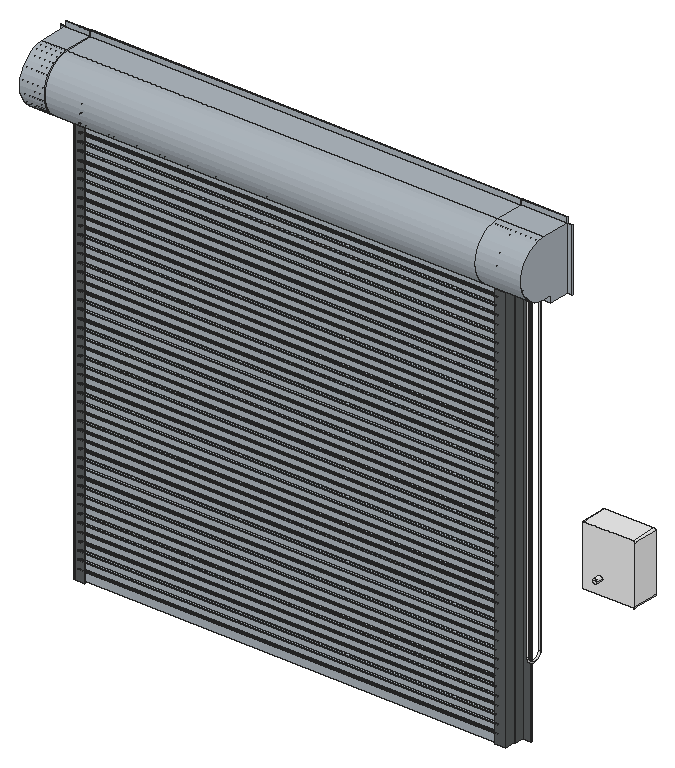
Revit family "Doors_Industrial_Wayne-Dalton_Advanced-Rolling-Door-System-Model-800-ADV_", category Specialty Equipment, host Wall, Revit 2019
Family settings
  Host = Wall
  Round Connector Dimension = Use Diameter
  Part Type = Normal
  OmniClass Number = 23.30.10.21.34
  OmniClass Title = Industrial Doors
  Always vertical = Yes
  Cut with Voids When Loaded = Yes
  Shared = No
  Room Calculation Point = No
Parameters (values of type "208 volts, one phase, 60 Hz (208-240V range)")
  X Motor [instance] = if(or(Opening Height < 120", Opening Height = 120"), 18 1/2", if(or(Opening Height < 180", Opening Height = 180"), 20", if(or(Opening Height < 240", Opening Height = 240"), 22", 22")))  # 18 1/2"
  X ChainH [instance] = if(or(Opening Height < 120", Opening Height = 120"), 18 1/2", if(or(Opening Height < 180", Opening Height = 180"), 20", if(or(Opening Height < 240", Opening Height = 240"), 22", 22")))  # 18 1/2"
  Warning Sign [instance] = if(Calculated Area > 683.00 SF, 1 = 1, 1 = 2)  # no
  Warning (Note) [instance] = if(Warning Sign, "The Door Area is out of the limit; please adjust accordingly. The maximum allowed area is 683 sq. ft.", " ")  # " "
  Wall Thickness [instance] = 6"
  Voltage = 208 V
  True Opening Width [instance] = Clear Width  # 120"
  True Opening Height [instance] = Clear Height  # 120"
  Slat Type [instance] = if(Slat Option < 2, "№4", if(Slat Option = 2, "№14", "№14 - Secur-Vent"))  # "№14"
  Slat Option [instance] = 2  # constant formula
  Slat Length [instance] = Clear Width + G Value * 2 - 1" / 2 * 2  # 126"
  Slat Height [instance] = if(Slat < 2, 13 205/256", 12 1/4")  # 12 1/4"
  Slat [instance] = if(Slat Option < 2, 1, if(Slat Option = 2, 2, if(Slat Option = 3, 3, 4)))  # 2
  Side Room Right [instance] = 18"  # constant formula
  Side Room Left [instance] = 12"  # constant formula
  Product Page URL = "https://www.wayne-dalton.com/advanced-rolling-door-systems-800adv"
  Power Factor = 1
  Powder Coat (Note) = "Wayne Dalton also offers approximately 200 RAL powder coat options to complement the exterior colors of a building."  # constant formula
  Operator Visibility = yes
  Opening Width Real [instance] = if(Opening Width > Max Opening Width, Max Opening Width, if(Opening Width < Min Opening Width, Min Opening Width, Opening Width))  # 120"
  Opening Width [instance] = 120"
  Opening Height Real [instance] = if(Opening Height > Max Opening Height, Max Opening Height, if(Opening Height < Min Opening Height, Min Opening Height, Opening Height))  # 120"
  Opening Height [instance] = 120"
  One Array element [instance] = not(Array Vis)  # no
  Number of Poles = 1
  Min Opening Width [instance] = 18"  # constant formula
  Min Opening Height [instance] = 24"  # constant formula
  Max Opening Width [instance] = 360"  # constant formula
  Max Opening Height [instance] = 360"  # constant formula
  Material Finish [instance] = 800 ADV : Standard - Gray
  M Value [instance] = if(or(Opening Width < 108", Opening Width = 108"), 5 3/4", if(or(Opening Width < 180", Opening Width = 180"), 6 1/4", if(or(Opening Width < 240", Opening Width = 240"), 7 1/4", 9 1/4")))  # 6 1/4"
  Jambs Offset L [instance] = 0"  # constant formula
  Jambs Offset R [instance] = 0"  # constant formula
  Installation Real [instance] = Wall Thickness  # 6"
  Hood Type [instance] = "Round Hood"  # constant formula
  Hood Offset [instance] = 2"  # constant formula
  Hood Material [instance] = Metal - Wayne Dalton - Gray
  Hood Height [instance] = if(Chain Hoist or Manual, Y ChainH - 2", Y Motor - 2")  # 16 1/2"
  Y Motor [instance] = if(or(Opening Height < 120", Opening Height = 120"), 18 1/2", if(or(Opening Height < 180", Opening Height = 180"), 20", if(or(Opening Height < 240", Opening Height = 240"), 22", 22")))  # 18 1/2"
  Y ChainH [instance] = if(or(Opening Height < 120", Opening Height = 120"), 18 1/2", if(or(Opening Height < 180", Opening Height = 180"), 20", if(or(Opening Height < 240", Opening Height = 240"), 22", 22")))  # 18 1/2"
  Headroom Height Lift [instance] = Y Motor + Hood Offset  # 20 1/2"
  Headroom Height [instance] = Headroom Height Lift + 1 1/2"  # 22"
  Guide Type [instance] = "Angled Z Guide"  # constant formula
  Guide Option [instance] = 2  # constant formula
  Guid Depth [instance] = D Value  # 6 1/4"
  G Value [instance] = if(or(Opening Width < 108", Opening Width = 108"), 3", if(or(Opening Width < 180", Opening Width = 180"), 3 1/2", if(or(Opening Width < 240", Opening Width = 240"), 4", 5 9/16")))  # 3 1/2"
  Frequency = 60 Hz
  Face Of Wall Mounting [instance] = not(Between Jambs Mounting)  # yes
  Door Width True [instance] = Clear Width + M Value * 2  # 132 1/2"
  Door Width (Real) [instance] = Clear Width + 1" / 2  # 120 1/2"
  Door Height True [instance] = Clear Width + Headroom Height  # 142"
  Door Height (Real) [instance] = Clear Height + Hood Offset  # 122"
  URL = "https://www.wayne-dalton.com/"
  Product data url = "https://www.bimobject.com/wayne-dalton/product/advanced-rolling-door-systems-800-adv"
  Product Guid = "0b55cba0-5740-4beb-a360-9fda8dc8a982"
  Model = "800 ADV"  # constant formula
  Manufacturer = "Wayne Dalton"  # constant formula
  Wall Closure = By host
  Floor To (CL) of Shaft [instance] = Clear Height + Hood Offset + 2" + Hood Height / 2  # 132 1/4"
  Finish Material = Finish - Wayne Dalton - Black
  Description = "Model 800 ADV Advanced Rolling Door System"  # constant formula
  D Value Clearance [instance] = D Value  # 6 1/4"
  D Value [instance] = if(or(Opening Width < 108", Opening Width = 108"), 5 11/16", if(or(Opening Width < 180", Opening Width = 180"), 6 1/4", if(or(Opening Width < 240", Opening Width = 240"), 6 3/16", 7 1/16")))  # 6 1/4"
  Clearance [instance] = no
  Clear Width [instance] = Opening Width Real  # 120"
  Clear Height [instance] = Opening Height Real  # 120"
  Chain Hoist or Manual = no
  Current = 20 A
  Connector Array Distance = 0"  # constant formula
  Connector Array = if(Chain Hoist or Manual, 2, 3)  # 3
  Between Jambs Mounting [instance] = 1 = 2  # no
  Bar [instance] = if(Face Of Wall Mounting, 1 = 1, 1 = 2)  # yes
  Backroom Depth [instance] = X Motor - 1 1/2"  # 17"
  BJ Opening Cut [instance] = 0"  # constant formula
  Array Vis [instance] = if(Array < 2, 1 = 2, 1 = 1)  # yes
  Array Real [instance] = if(Array < 2, 2, Array)  # 10
  Array Length [instance] = (Array) * Slat Height  # 122 1/2"
  Array [instance] = rounddown(([Door Height (Real)] - 3") / Slat Height) + 1  # 10
  Calculated Area [instance] = [Door Width (Real)] * [Door Height (Real)]  # 102.09 SF
  Apparent Load Phase 3 = if(Number of Poles = 1, 0 VA, (Voltage * Current * sqrt(3)) / 3)  # 0 VA
  Apparent Load Phase 2 = if(Number of Poles = 1, 0 VA, (Voltage * Current * sqrt(3)) / 3)  # 0 VA
  Apparent Load Phase 1 = if(Number of Poles = 1, Voltage * Current, (Voltage * Current * sqrt(3)) / 3)  # 4160 VA
Reference planes (in)
  plane 1 "Center (Front/Back)": y = -13.625
  plane 2 "Center (Left/Right)": x = 0
  plane 3 "Left": x = -60
  plane 4 "Right": x = 60
  plane 5 "Exterior": y = -7.625
  plane 6 "Interior": y = -13.625
  plane 7: z = 120
  plane 8 "Main": y = -19.23437
  plane 9 "Backroom Depth": y = -30.625
  plane 10 "Main Door Block": y = -13.625
  plane 11 "Bottom Bar": z = 2.75
  plane 12: y = -19.875
  plane 13: z = 125.25
  plane 14: z = 140.5
  plane 15: z = 122
  plane 16: z = 142
  plane 17: z = 0
  plane 18: z = 60
  plane 19: y = -19.125
  plane 20 "Double Main": y = -18.656
  plane 21 "Headroom Top": z = 142
  plane 22: z = 132.25
  plane 23: x = 63.5
  plane 24: x = -63.5
  plane 25: z = 113
  plane 26: z = 124
  plane 27: x = 62.8125
  plane 28: z = 2.75
  plane 29: y = -19.125
  plane 30: z = 113
  plane 31: y = -19.125
  plane 32: z = 15
  plane 33: y = -19.125
  plane 34: z = 27.25
  plane 35: y = -19.125
  plane 36: z = 39.5
  plane 37: y = -19.125
  plane 38: z = 51.75
  plane 39: y = -19.125
  plane 40: z = 64
  plane 41: y = -19.125
  plane 42: z = 76.25
  plane 43: y = -19.125
  plane 44: z = 88.5
  plane 45: y = -19.125
  plane 46: z = 100.75
  plane 47: y = -19.125
Forms (in)
  Extrusion 1, void
    sketch origin (0, -13.625, 0) x (0, 0, -1) y (-1, 0, 0)
      loop
        line (-120, 60) -> (-120, -60) -> (0, -60) -> (0, 60) -> (-120, 60)
    from 0 to 6
  Extrusion 2, solid, material "Metal - Wayne Dalton - Gray" <- "Hood Material", visible <- "Bar"
    sketch origin (0, 0, 0) x (0, 1, 0) y (0, 0, 1)
      loop
        line (-13.875, 140.5) -> (-13.625, 140.5) -> (-13.625, 142) -> (-13.875, 142) -> (-13.875, 140.5)
    from -63.25 to 63.25
  Extrusion 3, solid, material "Clearance - Wayne Dalton - Red", visible <- "Clearance"
    sketch origin (0, 0, 0) x (1, 0, 0) y (0, 1, 0)
      loop
        line (78.25, -13.625) -> (60.25, -13.625) -> (60.25, -19.875) -> (78.25, -19.875) -> (78.25, -13.625)
      loop
        line (-60.25, -13.625) -> (-72.25, -13.625) -> (-72.25, -19.875) -> (-60.25, -19.875) -> (-60.25, -13.625)
    from 0 to 122
Lines and regions (in)
  symbolic lines, visible <- "Bar"
    curve 1: line (63.25, -13.625, 0) -> (-63.25, -13.625, 0)
    curve 2: line (-63.25, -13.875, 0) -> (63.25, -13.875, 0)
Text (in)
  text "Exterior" at (-74.96733, 27.31104, 0), in view "Ref. Level"
  text "Interior" at (-74.96733, -25.14366, 0), in view "Ref. Level"
  text "Exterior" at (0, 40.15149, 123.01588), in view "Right"
  text "Interior" at (0, -64.39139, 123.01588), in view "Right"
  text "Interior" at (0, -31.01599, 123.00693), in view "Left"
  text "Exterior" at (0, 54.57065, 123.00693), in view "Left"
Dimensions and locks (in)
  equal spacing: plane 3 "Left", plane 2 "Center (Left/Right)", plane 4 "Right"
  "Clear Width": plane 3 "Left" to plane 4 "Right"
  level to host wall = 459.59655"
  "Clear Height": level to plane 7
  locked: plane 11 "Bottom Bar" to level at 2.75
  locked: plane 12 to plane 8 "Main" at 0.64063
  "Array Length": plane 13 to plane 11 "Bottom Bar"
  "Backroom Depth": plane 9 "Backroom Depth" to plane 10 "Main Door Block"
  locked: plane 16 to plane 14 at 1.5
  locked: Extrusion 2 sketch curve to Extrusion 2 sketch curve at 0.25
  "Installation Real": plane 1 "Center (Front/Back)" to plane 5 "Exterior"
  "Wall Thickness": host wall to host wall
  equal spacing: plane 7, plane 18, plane 17
  locked: plane 8 "Main" to plane 19 at 0.10937
  locked: plane 8 "Main" to plane 20 "Double Main" at 0.57837
  "BJ Opening Cut": Extrusion 1 sketch curve to plane 7
  locked: Extrusion 2 sketch curve to Extrusion 2 sketch curve at 1.5
  "Hood Offset": plane 15 to plane 7
  "Headroom Height": plane 21 "Headroom Top" to plane 7
  "Floor To (CL) of Shaft": plane 22 to level
  "Jambs Offset R": plane 4 "Right" to Extrusion 1 sketch curve
  "Jambs Offset L": Extrusion 1 sketch curve to plane 3 "Left"
  "G Value": plane 23 to plane 4 "Right"
  "G Value": plane 3 "Left" to plane 24
  "Guid Depth": plane 12 to plane 1 "Center (Front/Back)"
  "Slat Height": plane 13 to plane 25
  equal spacing: group 1, group 3, group 4, group 5, group 6, group 7, group 8, group 9, group 10, group 2  (x3)
  locked: plane 23 to Extrusion 2 at 0.25
  locked: plane 24 to Extrusion 2 at 0.25
  locked: plane 26 to plane 15 at 2
  "Hood Height": plane 14 to plane 26
  locked: plane 4 "Right" to plane 27 at 2.8125
  "D Value Clearance": Extrusion 3 sketch curve to Extrusion 3 sketch curve
  locked: plane 4 "Right" to Extrusion 3 sketch curve at 0.25
  "Side Room Right": Extrusion 3 sketch curve to Extrusion 3 sketch curve
  locked: Extrusion 3 sketch curve to plane 3 "Left" at 0.25
  "Side Room Left": Extrusion 3 sketch curve to Extrusion 3 sketch curve
  aligned and locked: plane 5 "Exterior" to host wall
  aligned and locked: host wall to plane 6 "Interior"
  aligned and locked: level to Extrusion 1 sketch curve
  aligned and locked: Extrusion 1 to plane 5 "Exterior"
  aligned and locked: plane 6 "Interior" to Extrusion 1
  aligned and locked: Extrusion 2 sketch curve to plane 16
  aligned and locked: plane 6 "Interior" to Extrusion 2 sketch curve
  aligned and locked: curve 1 to Extrusion 2  (x2)
  aligned and locked: curve 2 to Extrusion 2  (x2)
  aligned and locked: Extrusion 2 to curve 2
  aligned and locked: level to plane 17
  aligned and locked: plane 2 "Center (Left/Right)" to nested 1
  aligned and locked: nested 2 to plane 2 "Center (Left/Right)"
  aligned and locked: nested 3 to plane 18
  aligned and locked: plane 2 "Center (Left/Right)" to nested 3
  aligned and locked: plane 11 "Bottom Bar" to nested 5
  aligned and locked: plane 19 to nested 5
  aligned and locked: nested 3 to plane 19
  aligned and locked: plane 17 to nested 12
  aligned and locked: nested 12 to plane 2 "Center (Left/Right)"
  aligned and locked: nested 12 to plane 1 "Center (Front/Back)"
  aligned and locked: Extrusion 3 sketch curve to plane 1 "Center (Front/Back)"
  aligned and locked: plane 1 "Center (Front/Back)" to Extrusion 3 sketch curve
  aligned and locked: Extrusion 3 sketch curve to Extrusion 3 sketch curve
  aligned and locked: Extrusion 3 to level
  aligned and locked: plane 15 to Extrusion 3
  aligned and locked: plane 11 "Bottom Bar" to plane 28
  aligned and locked: plane 19 to plane 29
  aligned and locked: plane 25 to plane 30
  aligned and locked: plane 31 to plane 19
  aligned and locked: plane 10 "Main Door Block" to plane 6 "Interior"
Automatic sketch dimensions
  plane 23 to curve 1 = 1/4"
Nested families (in)
  nested 1: "Label Annotation 1" at (0, 19.375, 0), visible <- "Warning Sign", type "Label Annotation 1"
  nested 2: "Label Annotation 1" at (0, -40.625, 0) x (-1, 0, 0) z (0, 0, 1), visible <- "Warning Sign", type "Label Annotation 1"
  nested 3: "Warning Sign" at (0, -19.125, 60), visible <- "Warning Sign", type "Warning Sign"
    with Warning Sign no
  nested 4: "800 ADV" at (0, -19.125, 2.75), Slat Option <- "Slat Option", Opening Width <- "Slat Length", type <- "Material Finish", visible <- "Array Vis", type "Standard - Gray"
    with Void Offset 1", Void Height 3/4", Slat Width 3/4", Slat Position + Offset 13.146", Slat Position 12 1/4", Slat Option 2, Secure-Vent no, Profile #14 yes, Perforation no, Opening Width 126", Integrated Cutout no, Fenestration no, Cutout Width Offset 1", Cutout Vertical Offset 0.896", #4 no, # 14 yes
  nested 5: "800 ADV" at (0, -19.125, 2.75), visible <- "One Array element", Slat Option <- "Slat Option", Opening Width <- "Slat Length", type <- "Material Finish", type "Standard - Gray"
    with Void Offset 1", Void Height 3/4", Slat Width 3/4", Slat Position + Offset 13.146", Slat Position 12 1/4", Slat Option 2, Secure-Vent no, Profile #14 yes, Perforation no, Opening Width 126", Integrated Cutout no, Fenestration no, Cutout Width Offset 1", Cutout Vertical Offset 0.896", #4 no, # 14 yes
  nested 6: "800 ADV" at (0, -19.125, 113), Slat Option <- "Slat Option", Opening Width <- "Slat Length", type <- "Material Finish", visible <- "Array Vis", type "Standard - Gray"
    with Void Offset 1", Void Height 3/4", Slat Width 3/4", Slat Position + Offset 13.146", Slat Position 12 1/4", Slat Option 2, Secure-Vent no, Profile #14 yes, Perforation no, Opening Width 126", Integrated Cutout no, Fenestration no, Cutout Width Offset 1", Cutout Vertical Offset 0.896", #4 no, # 14 yes
  nested 7: "800 ADV" at (0, -19.125, 15), Slat Option <- "Slat Option", Opening Width <- "Slat Length", type <- "Material Finish", visible <- "Array Vis", type "Standard - Gray"
    with Void Offset 1", Void Height 3/4", Slat Width 3/4", Slat Position + Offset 13.146", Slat Position 12 1/4", Slat Option 2, Secure-Vent no, Profile #14 yes, Perforation no, Opening Width 126", Integrated Cutout no, Fenestration no, Cutout Width Offset 1", Cutout Vertical Offset 0.896", #4 no, # 14 yes
  nested 8: "800 ADV" at (0, -19.125, 27.25), Slat Option <- "Slat Option", Opening Width <- "Slat Length", type <- "Material Finish", visible <- "Array Vis", type "Standard - Gray"
    with Void Offset 1", Void Height 3/4", Slat Width 3/4", Slat Position + Offset 13.146", Slat Position 12 1/4", Slat Option 2, Secure-Vent no, Profile #14 yes, Perforation no, Opening Width 126", Integrated Cutout no, Fenestration no, Cutout Width Offset 1", Cutout Vertical Offset 0.896", #4 no, # 14 yes
  nested 9: "800 ADV" at (0, -19.125, 39.5), Slat Option <- "Slat Option", Opening Width <- "Slat Length", type <- "Material Finish", visible <- "Array Vis", type "Standard - Gray"
    with Void Offset 1", Void Height 3/4", Slat Width 3/4", Slat Position + Offset 13.146", Slat Position 12 1/4", Slat Option 2, Secure-Vent no, Profile #14 yes, Perforation no, Opening Width 126", Integrated Cutout no, Fenestration no, Cutout Width Offset 1", Cutout Vertical Offset 0.896", #4 no, # 14 yes
  nested 10: "800 ADV" at (0, -19.125, 51.75), Slat Option <- "Slat Option", Opening Width <- "Slat Length", type <- "Material Finish", visible <- "Array Vis", type "Standard - Gray"
    with Void Offset 1", Void Height 3/4", Slat Width 3/4", Slat Position + Offset 13.146", Slat Position 12 1/4", Slat Option 2, Secure-Vent no, Profile #14 yes, Perforation no, Opening Width 126", Integrated Cutout no, Fenestration no, Cutout Width Offset 1", Cutout Vertical Offset 0.896", #4 no, # 14 yes
  nested 11: "800 ADV" at (0, -19.125, 64), Slat Option <- "Slat Option", Opening Width <- "Slat Length", type <- "Material Finish", visible <- "Array Vis", type "Standard - Gray"
    with Void Offset 1", Void Height 3/4", Slat Width 3/4", Slat Position + Offset 13.146", Slat Position 12 1/4", Slat Option 2, Secure-Vent no, Profile #14 yes, Perforation no, Opening Width 126", Integrated Cutout no, Fenestration no, Cutout Width Offset 1", Cutout Vertical Offset 0.896", #4 no, # 14 yes
  nested 12: "Lifts" at (0, -13.625, 0) x (-1, 0, 0) z (0, 0, 1), type "Frame Unit"
    with Round Hood yes, Right Motor Position yes, No Hood no
  nested 13: "800 ADV" at (0, -19.125, 76.25), Slat Option <- "Slat Option", Opening Width <- "Slat Length", type <- "Material Finish", visible <- "Array Vis", type "Standard - Gray"
    with Void Offset 1", Void Height 3/4", Slat Width 3/4", Slat Position + Offset 13.146", Slat Position 12 1/4", Slat Option 2, Secure-Vent no, Profile #14 yes, Perforation no, Opening Width 126", Integrated Cutout no, Fenestration no, Cutout Width Offset 1", Cutout Vertical Offset 0.896", #4 no, # 14 yes
  nested 14: "800 ADV" at (0, -19.125, 88.5), Slat Option <- "Slat Option", Opening Width <- "Slat Length", type <- "Material Finish", visible <- "Array Vis", type "Standard - Gray"
    with Void Offset 1", Void Height 3/4", Slat Width 3/4", Slat Position + Offset 13.146", Slat Position 12 1/4", Slat Option 2, Secure-Vent no, Profile #14 yes, Perforation no, Opening Width 126", Integrated Cutout no, Fenestration no, Cutout Width Offset 1", Cutout Vertical Offset 0.896", #4 no, # 14 yes
  nested 15: "800 ADV" at (0, -19.125, 100.75), Slat Option <- "Slat Option", Opening Width <- "Slat Length", type <- "Material Finish", visible <- "Array Vis", type "Standard - Gray"
    with Void Offset 1", Void Height 3/4", Slat Width 3/4", Slat Position + Offset 13.146", Slat Position 12 1/4", Slat Option 2, Secure-Vent no, Profile #14 yes, Perforation no, Opening Width 126", Integrated Cutout no, Fenestration no, Cutout Width Offset 1", Cutout Vertical Offset 0.896", #4 no, # 14 yes
Connectors (in)
  electrical at (95, -21.165, 59.98825), driven by "Apparent Load Phase 1", driven by "Apparent Load Phase 2", driven by "Apparent Load Phase 3", driven by "Power Factor", driven by "Voltage", driven by "Number of Poles"
    settings: on nested 12, index 1, voltage 208 V, apparent load 0 VA, apparent load phase1 4160 VA, apparent load phase2 0 VA, apparent load phase3 0 VA, power factor 1, load classification "Other", number of poles 1, system type 31, power factor state 1, is connector primary yes, connector utility no, sub classification motor no, connector description "Electrical Connector"
Definition of nested family "800 ADV"
  Parameters (values of type "Standard - Biege")
    Void Offset [instance] = if(Integrated Cutout, 0", 1")  # 1"
    Void Height [instance] = if([Secure-Vent], 2.2", 3/4")  # 3/4"
    Standard = yes
    Slat Width [instance] = if(Slat Option < 2, 7/8", 3/4")  # 7/8"
    Slat Position + Offset [instance] = Slat Position + Cutout Vertical Offset  # 14.696"
    Slat Position [instance] = if(Slat Option < 2, 2.76" * 5, 2.45" * 5)  # 13.8"
    Slat Option [instance] = 1
    Secure-Vent [instance] = if(Slat Option > 2, 1 = 1, 1 = 2)  # no
    Rough Height = 0"
    Profile #14 [instance] = or(# 14, [Secure-Vent])  # no
    Perforation [instance] = [Secure-Vent]  # no
    Fenestration Large = no
    Fenestration [instance] = if(and(Integrated Cutout, not(Perforation)), 1 = 1, 1 = 2)  # no
    Cutout Width Offset [instance] = 1"  # constant formula
    Cutout Material Perforation = none
    Cutout Material = none
    Panel Material = none
    Opening Width [instance] = 123 5/8"
    Cutout Vertical Offset [instance] = 0.896"  # constant formula
    Default Elevation = 48"
    Integrated Cutout [instance] = if(and(Fenestration Large, Slat Option = 2), 1 = 1, if(and(Perforation, Slat Option > 2), 1 = 1, 1 = 2))  # no
    Analytic Construction = "<None>"
    #4 [instance] = if(Slat Option < 2, 1 = 1, 1 = 2)  # yes
    # 14 [instance] = if(Slat Option = 2, 1 = 1, 1 = 2)  # no
  Types (6): name | Standard | Fenestration Large
    Standard - White | yes | no
    Standard - Gray | yes | no
    Vision lites 0.75”x5” - Gray | no | yes
    Vision lites 0.75”x5” - Beige | no | yes
    Vision lites 0.75”x5” - White | no | yes
    Standard - Biege | yes | no
  Reference planes (in)
    plane 1 "Center (Front/Back)": y = 0
    plane 2: z = 0
    plane 3 "Center (Left/Right)": x = 0
    plane 4: x = -61.8125
    plane 5: x = 61.8125
    plane 6: y = 0.875
    plane 7: y = 0
    plane 8: y = 0.4375
    plane 9: y = 0.845
    plane 10: x = -60.8125
    plane 11: x = 60.8125
  Forms (in)
    Extrusion 1, solid, material <- "Panel Material", visible <- "Profile #14"
      sketch origin (0, -4.98186, 13.12534) x (0, 1, 0) y (0, 0, 1)
        loop
          arc (5.73186, -8.66795) -> (5.71046, -8.61155) -> (5.65703, -8.58356) r 0.085
          line (5.65703, -8.58356) -> (5.18016, -8.52611) -> (5.64686, -8.52611)
          arc (5.64686, -8.52611) -> (5.70696, -8.50122) -> (5.73186, -8.44111) r 0.085
          line (5.73186, -8.44111) -> (5.73186, -6.21795)
          arc (5.73186, -6.21795) -> (5.71046, -6.16155) -> (5.65703, -6.13356) r 0.085
          line (5.65703, -6.13356) -> (5.18016, -6.07611) -> (5.64686, -6.07611)
          arc (5.64686, -6.07611) -> (5.70696, -6.05122) -> (5.73186, -5.99111) r 0.085
          line (5.73186, -5.99111) -> (5.73186, -3.76795)
          arc (5.73186, -3.76795) -> (5.71046, -3.71155) -> (5.65703, -3.68356) r 0.085
          line (5.65703, -3.68356) -> (5.18016, -3.62611) -> (5.64686, -3.62611)
          arc (5.64686, -3.62611) -> (5.70696, -3.60122) -> (5.73186, -3.54111) r 0.085
          line (5.73186, -3.54111) -> (5.73186, -1.31795)
          arc (5.73186, -1.31795) -> (5.71046, -1.26155) -> (5.65703, -1.23356) r 0.085
          line (5.65703, -1.23356) -> (5.06387, -1.16211)
          arc (5.06387, -1.16211) -> (5.04815, -1.15387) -> (5.04186, -1.13729) r 0.025
          line (5.04186, -1.13729) -> (5.04186, -1.02403)
          arc (5.04186, -1.02403) -> (5.39304, -0.79238) -> (4.98186, -0.88137) r 0.214
          line (4.98186, -0.88137) -> (4.98186, -1.13729)
          arc (4.98186, -1.13729) -> (5.00326, -1.19368) -> (5.05669, -1.22168) r 0.085
          line (5.05669, -1.22168) -> (5.64985, -1.29313)
          arc (5.64985, -1.29313) -> (5.66556, -1.30136) -> (5.67186, -1.31795) r 0.025
          line (5.67186, -1.31795) -> (5.67186, -3.54111)
          arc (5.67186, -3.54111) -> (5.66454, -3.55879) -> (5.64686, -3.56611) r 0.025
          line (5.64686, -3.56611) -> (5.04186, -3.56611) -> (5.04186, -3.47403)
          arc (5.04186, -3.47403) -> (5.39304, -3.24238) -> (4.98186, -3.33137) r 0.214
          line (4.98186, -3.33137) -> (4.98186, -3.58729)
          arc (4.98186, -3.58729) -> (5.00326, -3.64368) -> (5.05669, -3.67168) r 0.085
          line (5.05669, -3.67168) -> (5.64985, -3.74313)
          arc (5.64985, -3.74313) -> (5.66556, -3.75136) -> (5.67186, -3.76795) r 0.025
          line (5.67186, -3.76795) -> (5.67186, -5.99111)
          arc (5.67186, -5.99111) -> (5.66454, -6.00879) -> (5.64686, -6.01611) r 0.025
          line (5.64686, -6.01611) -> (5.04186, -6.01611) -> (5.04186, -5.92403)
          arc (5.04186, -5.92403) -> (5.39304, -5.69238) -> (4.98186, -5.78137) r 0.214
          line (4.98186, -5.78137) -> (4.98186, -6.03729)
          arc (4.98186, -6.03729) -> (5.00326, -6.09368) -> (5.05669, -6.12168) r 0.085
          line (5.05669, -6.12168) -> (5.64985, -6.19313)
          arc (5.64985, -6.19313) -> (5.66556, -6.20136) -> (5.67186, -6.21795) r 0.025
          line (5.67186, -6.21795) -> (5.67186, -8.44111)
          arc (5.67186, -8.44111) -> (5.66454, -8.45879) -> (5.64686, -8.46611) r 0.025
          line (5.64686, -8.46611) -> (5.04186, -8.46611) -> (5.04186, -8.37403)
          arc (5.04186, -8.37403) -> (5.39304, -8.14238) -> (4.98186, -8.23137) r 0.214
          line (4.98186, -8.23137) -> (4.98186, -8.48729)
          arc (4.98186, -8.48729) -> (5.00326, -8.54368) -> (5.05669, -8.57168) r 0.085
          line (5.05669, -8.57168) -> (5.64985, -8.64313)
          arc (5.64985, -8.64313) -> (5.66556, -8.65136) -> (5.67186, -8.66795) r 0.025
          line (5.67186, -8.66795) -> (5.67186, -10.89111)
          arc (5.67186, -10.89111) -> (5.66454, -10.90879) -> (5.64686, -10.91611) r 0.025
          line (5.64686, -10.91611) -> (5.04186, -10.91611) -> (5.04186, -10.82403)
          arc (5.04186, -10.82403) -> (5.39304, -10.59238) -> (4.98186, -10.68137) r 0.214
          line (4.98186, -10.68137) -> (4.98186, -10.93729)
          arc (4.98186, -10.93729) -> (5.00326, -10.99368) -> (5.05669, -11.02168) r 0.085
          line (5.05669, -11.02168) -> (5.64985, -11.09313)
          arc (5.64985, -11.09313) -> (5.66556, -11.10136) -> (5.67186, -11.11795) r 0.025
          line (5.67186, -11.11795) -> (5.67186, -13.34111)
          arc (5.67186, -13.34111) -> (5.66454, -13.35879) -> (5.64686, -13.36611) r 0.025
          line (5.64686, -13.36611) -> (5.04186, -13.36611) -> (5.04186, -13.2739)
          arc (5.04186, -13.2739) -> (5.39412, -13.04524) -> (4.98186, -13.12534) r 0.21392
          line (4.98186, -13.12534) -> (4.98186, -13.34111)
          arc (4.98186, -13.34111) -> (5.00676, -13.40122) -> (5.06686, -13.42611) r 0.085
          line (5.06686, -13.42611) -> (5.64686, -13.42611)
          arc (5.64686, -13.42611) -> (5.70696, -13.40122) -> (5.73186, -13.34111) r 0.085
          line (5.73186, -13.34111) -> (5.73186, -11.11795)
          arc (5.73186, -11.11795) -> (5.71046, -11.06155) -> (5.65703, -11.03356) r 0.085
          line (5.65703, -11.03356) -> (5.18016, -10.97611) -> (5.64686, -10.97611)
          arc (5.64686, -10.97611) -> (5.70696, -10.95122) -> (5.73186, -10.89111) r 0.085
          line (5.73186, -10.89111) -> (5.73186, -8.66795)
      from -61.8125 to 61.8125
    Extrusion 2, void
      sketch origin (0, 0, 0) x (0, 1, 0) y (0, 0, 1)
        loop
          line (1.815, 1.271) -> (1.815, 0.521) -> (1.875, 0.521) -> (1.875, 1.271) -> (1.815, 1.271)
        loop
          line (1.815, 4.031) -> (1.815, 3.281) -> (1.875, 3.281) -> (1.875, 4.031) -> (1.815, 4.031)
        loop
          line (1.815, 6.791) -> (1.815, 6.041) -> (1.875, 6.041) -> (1.875, 6.791) -> (1.815, 6.791)
        loop
          line (1.815, 9.551) -> (1.815, 8.801) -> (1.875, 8.801) -> (1.875, 9.551) -> (1.815, 9.551)
        loop
          line (1.815, 12.311) -> (1.815, 11.561) -> (1.875, 11.561) -> (1.875, 12.311) -> (1.815, 12.311)
      from -60.8125 to 60.8125
  Cuts and joins
    Extrusion 2 cuts Extrusion 1
  Lines and regions (in)
    reference lines
      curve 1: line (0, -4.98186, 12.78) -> (0, 10.3327, 12.78)
      curve 2: line (0, -2.86663, 14.696) -> (0, 7.97837, 14.696)
      curve 3: line (0, -2.86663, 11.936) -> (0, 7.97837, 11.936)
      curve 4: line (0, -2.86663, 9.176) -> (0, 7.97837, 9.176)
      curve 5: line (0, -2.86663, 6.416) -> (0, 7.97837, 6.416)
      curve 6: line (0, -2.86663, 0.896) -> (0, 7.97837, 0.896)
      curve 7: line (0, -2.86663, 3.656) -> (0, 7.97837, 3.656)
  Dimensions and locks (in)
    equal spacing: plane 4, plane 3 "Center (Left/Right)", plane 5
    "Opening Width": plane 4 to plane 5
    "Slat Width": plane 1 "Center (Front/Back)" to plane 6
    equal spacing: plane 1 "Center (Front/Back)", plane 8, plane 6
    locked: plane 9 to plane 6 at 0.03
    "Cutout Width Offset": plane 4 to plane 10
    "Cutout Width Offset": plane 5 to plane 11
    "Void Height": Extrusion 2 sketch curve to Extrusion 2 sketch curve  (x5)
    locked: Extrusion 2 sketch curve to Extrusion 2 sketch curve at 0.06  (x5)
    "Void Offset": plane 6 to Extrusion 2 sketch curve
    locked: curve 1 to level at 12.78
    "Slat Position": curve 6 to curve 2
    equal spacing: Extrusion 2 sketch curve, curve 3, Extrusion 2 sketch curve
    equal spacing: Extrusion 2 sketch curve, curve 4, Extrusion 2 sketch curve
    equal spacing: Extrusion 2 sketch curve, curve 6, Extrusion 2 sketch curve
    equal spacing: Extrusion 2 sketch curve, curve 5, Extrusion 2 sketch curve
    equal spacing: curve 6, curve 7, curve 5, curve 4, curve 3, curve 2
    equal spacing: Extrusion 2 sketch curve, curve 7, Extrusion 2 sketch curve
    "Cutout Vertical Offset": curve 6 to plane 2
    aligned and locked: plane 2 to level
    aligned and locked: plane 1 "Center (Front/Back)" to plane 7
    aligned and locked: plane 5 to Extrusion 1
    aligned and locked: plane 4 to Extrusion 1
    aligned and locked: plane 9 to nested 1
    aligned and locked: plane 3 "Center (Left/Right)" to nested 1
    aligned and locked: Extrusion 2 sketch curve to Extrusion 2 sketch curve  (x4)
    aligned and locked: plane 10 to Extrusion 2
    aligned and locked: plane 11 to Extrusion 2
    aligned and locked: plane 3 "Center (Left/Right)" to nested 2
    aligned and locked: plane 3 "Center (Left/Right)" to nested 3
    aligned and locked: plane 3 "Center (Left/Right)" to nested 4
    aligned and locked: plane 3 "Center (Left/Right)" to nested 5
    aligned and locked: plane 9 to nested 2
    aligned and locked: plane 9 to nested 3
    aligned and locked: plane 9 to nested 4
    aligned and locked: plane 9 to nested 5
    aligned and locked: plane 9 to nested 10
    aligned and locked: plane 9 to nested 9
    aligned and locked: plane 9 to nested 8
    aligned and locked: plane 9 to nested 7
    aligned and locked: plane 9 to nested 6
  Automatic sketch dimensions
    plane 1 "Center (Front/Back)" to curve 1 = 4.98186"
    plane 1 "Center (Front/Back)" to curve 7 = 2.86663"
    curve 1 to curve 2 = 2.11523"
    curve 5 to curve 7 = 0"
    curve 3 to curve 2 = 0"  (x2)
    curve 6 to curve 7 = 0"
    curve 4 to curve 3 = 0"
    curve 2 to plane 6 = 7.10337"
    curve 5 to plane 6 = 7.10337"
    curve 4 to curve 5 = 0"
    curve 6 to curve 5 = 0"
    curve 7 to curve 5 = 0"
    curve 2 to curve 1 = 2.35433"
    Extrusion 1 sketch curve to Extrusion 1 sketch curve = 0"  (x48)
    curve 1 to Extrusion 1 sketch curve = 4.98186"
    curve 1 to Extrusion 1 sketch curve = 0.53603"
    Extrusion 1 sketch curve to Extrusion 1 sketch curve = 0.06"  (x9)
    Extrusion 1 sketch curve to Extrusion 1 sketch curve = 0.07483"  (x4)
    curve 1 to Extrusion 1 sketch curve = 0.87633"
    Extrusion 1 sketch curve to Extrusion 1 sketch curve = 0.01483"
    curve 1 to Extrusion 1 sketch curve = 3.32633"
    Extrusion 1 sketch curve to Extrusion 1 sketch curve = 0.12347"  (x4)
    curve 1 to Extrusion 1 sketch curve = 3.28077"
    curve 1 to Extrusion 1 sketch curve = 0.81676"
    Extrusion 1 sketch curve to Extrusion 1 sketch curve = 0.1133"  (x4)
    Extrusion 1 sketch curve to Extrusion 1 sketch curve = 0.00299"  (x4)
    Extrusion 1 sketch curve to Extrusion 1 sketch curve = 0.025"
    Extrusion 1 sketch curve to Extrusion 1 sketch curve = 0.21392"  (x6)
    Extrusion 1 sketch curve to Extrusion 1 sketch curve = 0.15392"
    Extrusion 1 sketch curve to Extrusion 1 sketch curve = 0.45109"  (x3)
    Extrusion 1 sketch curve to Extrusion 1 sketch curve = 0.45108"
    Extrusion 1 sketch curve to Extrusion 1 sketch curve = 0.59017"  (x2)
    curve 1 to Extrusion 1 sketch curve = 0.94778"
    curve 1 to Extrusion 1 sketch curve = 3.39778"
    Extrusion 1 sketch curve to Extrusion 1 sketch curve = 0.01017"  (x3)
    curve 1 to Extrusion 1 sketch curve = 0.88821"
    curve 1 to Extrusion 1 sketch curve = 3.33821"
    Extrusion 1 sketch curve to Extrusion 1 sketch curve = 2.0074"  (x4)
    Extrusion 1 sketch curve to Extrusion 1 sketch curve = 0.00603"  (x3)
    Extrusion 1 sketch curve to Extrusion 1 sketch curve = 0.21577"  (x4)
    Extrusion 1 sketch curve to Extrusion 1 sketch curve = 0.09209"
    Extrusion 1 sketch curve to Extrusion 1 sketch curve = 0.14265"
    Extrusion 1 sketch curve to Extrusion 1 sketch curve = 0.11326"
  Nested families (in)
    nested 1: "Perforation" at (0, 0.845, 0.896), visible <- "Fenestration", Perforation <- "Cutout Material", type "Perforation"
    nested 2: "Perforation" at (0, 0.845, 3.656), visible <- "Fenestration", Perforation <- "Cutout Material", type "Perforation"
    nested 3: "Perforation" at (0, 0.845, 6.416), visible <- "Fenestration", Perforation <- "Cutout Material", type "Perforation"
    nested 4: "Perforation" at (0, 0.845, 9.176), visible <- "Fenestration", Perforation <- "Cutout Material", type "Perforation"
    nested 5: "Perforation" at (0, 0.845, 11.936), visible <- "Fenestration", Perforation <- "Cutout Material", type "Perforation"
    nested 6: "Perforation" at (0, 0.845, 11.936), visible <- "Perforation", Perforation <- "Cutout Material Perforation", type "Perforation"
      with Perforation none
    nested 7: "Perforation" at (0, 0.845, 9.176), visible <- "Perforation", Perforation <- "Cutout Material Perforation", type "Perforation"
      with Perforation none
    nested 8: "Perforation" at (0, 0.845, 6.416), visible <- "Perforation", Perforation <- "Cutout Material Perforation", type "Perforation"
      with Perforation none
    nested 9: "Perforation" at (0, 0.845, 3.656), visible <- "Perforation", Perforation <- "Cutout Material Perforation", type "Perforation"
      with Perforation none
    nested 10: "Perforation" at (0, 0.845, 0.896), visible <- "Perforation", Perforation <- "Cutout Material Perforation", type "Perforation"
      with Perforation none
  Definition of nested family "Perforation"
    Parameters (values of type "Perforation")
      Thickness = 0.06"
      Perforation [instance] = none
      Opening Width = 123 5/8"
      Offset = 1"
      Height = 3/4"
      Default Elevation = 48"
    Reference planes (in)
      plane 1 "Center (Front/Back)": y = 0
      plane 2: z = 0
      plane 3 "Center (Left/Right)": x = 0
      plane 4: z = 0.375
      plane 5: z = -0.375
      plane 6: y = -0.03
      plane 7: y = 0.03
      plane 8: x = -61.8125
      plane 9: x = 61.8125
      plane 10: x = -60.8125
      plane 11: x = 60.8125
    Forms (in)
      Extrusion 1, solid, material <- "Perforation"
        sketch origin (0, -0.19, 0) x (0, 1, 0) y (0, 0, 1)
          loop
            line (0.16, 0.375) -> (0.16, -0.375) -> (0.22, -0.375) -> (0.22, 0.375) -> (0.16, 0.375)
        from -60.8125 to 60.8125
    Dimensions and locks (in)
      equal spacing: plane 4, level, plane 5
      "Height": plane 4 to plane 5
      equal spacing: plane 6, plane 1 "Center (Front/Back)", plane 7
      "Thickness": plane 6 to plane 7
      "Opening Width": plane 8 to plane 9
      "Offset": plane 8 to plane 10
      "Offset": plane 9 to plane 11
      equal spacing: plane 8, plane 3 "Center (Left/Right)", plane 9
      aligned and locked: plane 2 to level
      aligned and locked: plane 4 to Extrusion 1
      aligned and locked: Extrusion 1 to plane 5
      aligned and locked: plane 6 to Extrusion 1
      aligned and locked: plane 7 to Extrusion 1
      aligned and locked: Extrusion 1 to plane 10
      aligned and locked: plane 11 to Extrusion 1
    Automatic sketch dimensions
      Extrusion 1 sketch curve to level = 3/8"
      plane 1 "Center (Front/Back)" to Extrusion 1 sketch curve = 0.03"
      Extrusion 1 sketch curve to plane 1 "Center (Front/Back)" = 0.03"
      plane 4 to Extrusion 1 sketch curve = 0"
Definition of nested family "Lifts"
  Parameters (values of type "Frame Unit")
    True Width = if(Between Jambs, Opening Width, Opening Width + 1/2")  # 120 1/2"
    Slat Option = 1
    Side Clearance R Real = Side Clearance R + 1/4"  # 18 1/4"
    Side Clearance R = 18"
    Side Clearance L Real = Side Clearance L + 1/4"  # 12 1/4"
    Side Clearance L = 12"
    Round Hood [instance] = 1 = 1  # yes
    Rough Width = 0"
    Rough Height = 0"
    Right Motor Position [instance] = yes
    No Hood [instance] = no
    M Value = 6 1/4"
    Hood Offset = 2"
    Hood Height = Headroom Height Real - Hood Offset  # 18 1/2"
    Headroom Height Real = Headroom Height  # 20 1/2"
    Half Hood Height = Headroom Height - Hood Offset  # 18 1/2"
    Guide Z Wide R = M Value - G Value  # 2 3/4"
    Guide Z Wide L = M Value - G Value  # 2 3/4"
    Guide Offset R = BJ Displacement R + G Value  # 3 1/2"
    Guide Offset L = BJ Displacement L + G Value  # 3 1/2"
    G Value = 3 1/2"
    E Guide Width R = if(Between Jambs, Guide Offset R - G Value, 3")  # 3"
    E Guide Width L = if(Between Jambs, Guide Offset L - G Value, 3")  # 3"
    E Guide Height = 3"  # constant formula
    Z Guide = 1 = 1  # yes
    Slat Material = none
    Shaft Offset = (Hood Height - 2") / 2  # 8 1/4"
    Shaft Material = none
    Shaft Length 2 = G Value + 4"  # 7 1/2"
    Shaft Length 1 = G Value + 4"  # 7 1/2"
    Setback = if(Between Jambs, 0", 1/4")  # 1/4"
    Radius Hood = Shaft Offset  # 8 1/4"
    Opening Width = 120"
    Hood Material = none
    Headroom Height = 20 1/2"
    Header Width = 17"
    Opening Height = 120"
    Guide Type = if(Between Jambs, "Angled Between Jambs Z Guide", if(Guide Option > 1, "Angled Z Guide", "Angled E Guide"))  # "Angled Z Guide"
    Guide Option = if(Between Jambs, 1, 2)  # 2
    Guide Z Height = 3"  # constant formula
    Floor To (CL) of Shaft = 132 1/4"
    Finish Material = none
    Face to Wall Mount = not(Between Jambs)  # yes
    E Guide = if(Between Jambs, 1 = 1, 1 = 2)  # no
    D Value = 6 1/4"
    Chain offset = if(Opening Height < 35", Opening Height - 5", 30")  # 30"
    Between Jambs = no
    BJ Position = if(Between Jambs, 1/4", 0")  # 0"
    BJ Displacement R = if(Face to Wall Mount, 0", Side Clearance R - G Value)  # 0"
    BJ Displacement L = if(Face to Wall Mount, 0", Side Clearance L - G Value)  # 0"
    Angled Guide = 1 = 1  # yes
  Reference planes (in)
    plane 1 "Center (Front/Back)": y = 0
    plane 2: z = 0
    plane 3 "Center (Left/Right)": x = 0
    plane 4 "Opening Height": z = 120
    plane 5: x = -67.5
    plane 6: x = 67.5
    plane 7: z = 140.5
    plane 8: y = 17
    plane 9 "Real Opening 2": x = -60
    plane 10 "Real Opening 1": x = 60
    plane 11: z = 122
    plane 12 "Main": y = 0
    plane 13: z = 132.25
    plane 14: x = 63.5
    plane 15: x = -63.5
    plane 16: x = -63.5
    plane 17: x = 63.5
    plane 18: y = 6.25
    plane 19: x = -63.25
    plane 20: x = 63.25
    plane 21: z = 142
    plane 22: y = 6.25
    plane 23: y = 5.125
    plane 24: y = 6.25
    plane 25: y = 5.125
    plane 26: x = 70.75
    plane 27: x = -76.75
    plane 28: x = 70.5
    plane 29: x = -76.5
    plane 30: x = -95
    plane 31: z = 60
    plane 32: y = 7.54
    plane 33: z = 124
    plane 34: z = 30
    plane 35: z = 0
    plane 36: x = -74
    plane 37: x = -78.25
    plane 38: x = 72.25
  Forms (in)
    Extrusion 1, solid, material <- "Slat Material"
      sketch origin (0, 0, 0) x (0, 1, 0) y (0, 0, 1)
        loop
          line (5.5, 2.375) -> (5.5, 2.75) -> (4.75, 2.75) -> (4.75, 2.375) -> (5.5, 2.375)
      from -63.25 to 63.25
    Extrusion 2, solid, material <- "Slat Material"
      sketch origin (0, 0, 0) x (0, 1, 0) y (0, 0, 1)
        loop
          line (5.5, 2.375) -> (4.75, 2.375) -> (4.75, 0) -> (5.5, 0) -> (5.5, 2.375)
      from -63.25 to 63.25
    Extrusion 3, solid, material <- "Shaft Material"
      sketch origin (0, -5.35201, 0) x (0, 1, 0) y (0, 0, 1)
        loop
          circle (14.10201, 132.25) r 0.6
      from -76.5 to 70.5
    Extrusion 4, solid, material <- "Hood Material"
      sketch origin (0, 0, 0) x (0, 1, 0) y (0, 0, 1)
        loop
          line (0, 140.5) -> (0, 122) -> (6, 122) -> (6, 124) -> (8.75, 124)
          arc (8.75, 124) -> (17, 132.25) -> (8.75, 140.5) r 8.25
          line (8.75, 140.5) -> (0, 140.5)
      from -76.75 to 70.75
    Extrusion 5, solid, material <- "Finish Material", visible <- "Z Guide"
      sketch origin (0, 0, 0) x (1, 0, 0) y (0, 1, 0)
        loop
          line (66.25, 0) -> (66.25, 0.062)
          arc (66.25, 0.062) -> (66.19494, 0.19494) -> (66.062, 0.25) r 0.188
          line (66.062, 0.25) -> (63.75, 0.25) -> (63.75, 2.812)
          arc (63.75, 2.812) -> (63.69494, 2.94494) -> (63.562, 3) r 0.188
          line (63.562, 3) -> (63.5, 3) -> (63.5, 0) -> (66.25, 0)
        loop
          line (-66.25, 0) -> (-63.5, 0) -> (-63.5, 3) -> (-63.562, 3)
          arc (-63.562, 3) -> (-63.69494, 2.94494) -> (-63.75, 2.812) r 0.188
          line (-63.75, 2.812) -> (-63.75, 0.25) -> (-66.062, 0.25)
          arc (-66.062, 0.25) -> (-66.19494, 0.19494) -> (-66.25, 0.062) r 0.188
          line (-66.25, 0.062) -> (-66.25, 0)
      from 0 to 122
    Extrusion 6, solid, material <- "Finish Material", visible <- "Angled Guide"
      sketch origin (0, 0, 0) x (1, 0, 0) y (0, 1, 0)
        loop
          line (60.25, 6.25) -> (60.25, 6.187)
          arc (60.25, 6.187) -> (60.30477, 6.05477) -> (60.437, 6) r 0.187
          line (60.437, 6) -> (63.25, 6) -> (63.25, 4.25) -> (60.25, 4.25) -> (60.25, 4.187)
          arc (60.25, 4.187) -> (60.30477, 4.05477) -> (60.437, 4) r 0.187
          line (60.437, 4) -> (63, 4) -> (63, 2) -> (63.5, 2) -> (63.5, 6.25) -> (60.25, 6.25)
        loop
          line (-60.25, 6.25) -> (-63.5, 6.25) -> (-63.5, 2) -> (-63, 2) -> (-63, 4) -> (-60.437, 4)
          arc (-60.437, 4) -> (-60.30477, 4.05477) -> (-60.25, 4.187) r 0.187
          line (-60.25, 4.187) -> (-60.25, 4.25) -> (-63.25, 4.25) -> (-63.25, 6) -> (-60.437, 6)
          arc (-60.437, 6) -> (-60.30477, 6.05477) -> (-60.25, 6.187) r 0.187
          line (-60.25, 6.187) -> (-60.25, 6.25)
      from 0 to 120
    Extrusion 7, solid, material <- "Hood Material"
      sketch origin (0, 35, 0) x (0, 1, 0) y (0, 0, 1)
        loop
          line (-35, 140.5) -> (-35, 122) -> (-29, 122) -> (-29, 124) -> (-26.25, 124)
          arc (-26.25, 124) -> (-18, 132.25) -> (-26.25, 140.5) r 8.25
          line (-26.25, 140.5) -> (-35, 140.5)
      from -76.75 to 70.75
    Extrusion 8, void
      sketch origin (0, 0, 0) x (0, 1, 0) y (0, 0, 1)
        loop
          line (0, 140.5) -> (0, 122) -> (17, 122) -> (17, 140.5) -> (0, 140.5)
      from -63.25 to 63.5
    Extrusion 9, solid, material <- "Hood Material"
      sketch origin (0, 0, 0) x (1, 0, 0) y (0, 0, 1)
        loop
          line (-63.5, 140.5) -> (-63.5, 142) -> (-78.25, 142) -> (-78.25, 122) -> (-76.75, 122) -> (-76.75, 140.5) -> (-63.5, 140.5)
        loop
          line (63.5, 140.5) -> (70.75, 140.5) -> (70.75, 122) -> (72.25, 122) -> (72.25, 142) -> (63.5, 142) -> (63.5, 140.5)
      from 0 to -0.25
    Extrusion 10, void
      sketch origin (0, 0, 0) x (1, 0, 0) y (0, 0, 1)
        loop
          line (-76.75, 140.5) -> (-76.75, 142) -> (-78.75, 142) -> (-78.75, 140.5) -> (-76.75, 140.5)
        loop
          line (70.75, 140.5) -> (72.75, 140.5) -> (72.75, 142) -> (70.75, 142) -> (70.75, 140.5)
      from -0.71968 to 0.40528
    Extrusion 11, solid, material <- "Shaft Material"
      sketch origin (-95, 0, 60) x (-1, 0, 0) y (0, 0, -1)
        loop
          arc (7.25, -8.8945) -> (7.60355, -8.74805) -> (7.75, -8.3945) r 0.5
          line (7.75, -8.3945) -> (7.75, 8.418)
          arc (7.75, 8.418) -> (7.60355, 8.77155) -> (7.25, 8.918) r 0.5
          line (7.25, 8.918) -> (-7.25, 8.918)
          arc (-7.25, 8.918) -> (-7.60355, 8.77155) -> (-7.75, 8.418) r 0.5
          line (-7.75, 8.418) -> (-7.75, -8.3945)
          arc (-7.75, -8.3945) -> (-7.60355, -8.74805) -> (-7.25, -8.8945) r 0.5
          line (-7.25, -8.8945) -> (7.25, -8.8945)
      from 0 to -7.54
    Revolve 12, solid, material <- "Shaft Material", visible <- "Right Motor Position"
      sketch origin (-95, 0, 55.48825) x (-1, 0, 0) y (0, -1, 0)
        loop
          line (-2.6811, -7.54) -> (-2.6811, -9.312) -> (-2.0811, -9.312) -> (-1.9311, -7.54) -> (-2.6811, -7.54)
        axis (-2.6811, -7.54) -> (-2.6811, -9.312)
      angle from 0 to 360
    Sweep 13, solid, material <- "Shaft Material"
      path origin (-74, 28.875, 1000) x (0, 1, 0) y (0, 0, 1)
        loop
          line (-18.08594, -875.5) -> (-18.08594, -970)
          arc (-18.08594, -970) -> (-19.98047, -971.89453) -> (-21.875, -970) r 1.89453
          line (-21.875, -970) -> (-21.875, -876)
      profile origin (-74, 10.78906, 77.25) x (1, 0, 0) y (0, 1, 0)
        loop
          circle (0, 0.2675) r 0.2675
  Cuts and joins
    Extrusion 8 cuts Extrusion 4
    Extrusion 10 cuts Extrusion 9
  Lines and regions (in)
    Masking region 1
      outline origin (0, 0, 0) x (1, 0, 0) y (0, 1, 0)
        loop
          line (-63.5, 17) -> (-63.5, 0) -> (63.5, 0) -> (63.5, 17) -> (-63.5, 17)
    Masking region 2
      outline origin (-95, 0, 60) x (-1, 0, 0) y (0, -1, 0)
        loop
          line (-7.75, -7.54) -> (7.75081, -7.54) -> (7.75081, 0) -> (-7.75, 0) -> (-7.75, -7.54)
    Masking region 3
      outline origin (-95, 0, 60) x (-1, 0, 0) y (0, -1, 0)
        loop
          line (-3.2811, -9.312) -> (-2.0811, -9.312) -> (-1.9311, -7.54) -> (-3.4311, -7.54) -> (-3.2811, -9.312)
    Masking region 4
      outline origin (0, 0, 0) x (1, 0, 0) y (0, 1, 0)
        loop
          line (-76.75, 17) -> (-76.75, 0.25) -> (-78.25, 0.25) -> (-78.25, 0) -> (-63.5, 0) -> (-63.5, 17) -> (-76.75, 17)
        loop
          line (63.5, 0) -> (72.25, 0) -> (72.25, 0.25) -> (70.75, 0.25) -> (70.75, 17) -> (63.5, 17) -> (63.5, 0)
    symbolic lines
      curve 1: line (-63.25, 0, 0) -> (-63.25, 17, 0)
      curve 2: line (63.25, 17, 0) -> (63.25, 0, 0)
      curve 5: line (-78.25, 0.25, 0) -> (-63.5, 0.25, 0)
      curve 6: line (63.5, 0.25, 0) -> (72.25, 0.25, 0)
    reference lines
      curve 3: line (-95, 0, 60) -> (-107, 0, 60)
      curve 4: line (-95, 0, 55.48825) -> (-107, 0, 55.48825)
  Dimensions and locks (in)
    Extrusion 1 sketch curve to level = 2 3/8"
    locked: Extrusion 1 sketch curve to Extrusion 1 sketch curve at 0.75
    locked: Extrusion 2 sketch curve to level at 2.375
    "Headroom Height Real": plane 7 to plane 4 "Opening Height"
    plane 8 to plane 1 "Center (Front/Back)" = 17"
    "Opening Height": plane 4 "Opening Height" to level
    "Hood Offset": plane 11 to plane 4 "Opening Height"
    "BJ Position": plane 12 "Main" to plane 1 "Center (Front/Back)"
    "Header Width": plane 12 "Main" to plane 8
    "Floor To (CL) of Shaft": plane 13 to level
    "Shaft Offset": Extrusion 3 sketch curve to plane 8
    locked: Extrusion 2 sketch curve to Extrusion 2 sketch curve at 0.75
    "Guide Offset L": plane 10 "Real Opening 1" to plane 14
    "Guide Offset R": plane 15 to plane 9 "Real Opening 2"
    locked: Extrusion 5 sketch curve to Extrusion 5 sketch curve at 0.25  (x4)
    "Guide Z Wide L": Extrusion 5 sketch curve to Extrusion 5 sketch curve
    "Guide Z Height": Extrusion 5 sketch curve to Extrusion 5 sketch curve  (x2)
    "Guide Z Wide R": Extrusion 5 sketch curve to Extrusion 5 sketch curve
    locked: Extrusion 6 sketch curve to Extrusion 6 sketch curve at 0.25  (x6)
    locked: Extrusion 6 sketch curve to Extrusion 6 sketch curve at 2.25  (x2)
    locked: Extrusion 6 sketch curve to Extrusion 6 sketch curve at 4.25  (x2)
    "Setback": plane 10 "Real Opening 1" to Extrusion 6 sketch curve
    "Setback": Extrusion 6 sketch curve to plane 9 "Real Opening 2"
    "G Value": Extrusion 5 sketch curve to plane 9 "Real Opening 2"
    "G Value": plane 10 "Real Opening 1" to Extrusion 5 sketch curve
    "G Value": plane 10 "Real Opening 1" to plane 17
    "G Value": plane 16 to plane 9 "Real Opening 2"
    "Shaft Length 1": plane 5 to plane 9 "Real Opening 2"
    "Shaft Length 2": plane 6 to plane 10 "Real Opening 1"
    locked: Extrusion 2 to plane 17 at 0.25
    locked: Extrusion 2 to plane 16 at 0.25
    locked: plane 16 to plane 19 at 0.25
    locked: plane 20 to plane 17 at 0.25
    equal spacing: plane 9 "Real Opening 2", plane 3 "Center (Left/Right)", plane 10 "Real Opening 1"
    "Opening Width": plane 9 "Real Opening 2" to plane 10 "Real Opening 1"
    locked: plane 21 to plane 7 at 1.5
    "D Value": plane 1 "Center (Front/Back)" to plane 18
    "D Value": plane 22 to plane 1 "Center (Front/Back)"
    locked: plane 22 to plane 23 at 1.125
    equal spacing: Extrusion 1 sketch curve, plane 23, Extrusion 1 sketch curve
    "D Value": plane 24 to plane 1 "Center (Front/Back)"
    locked: plane 24 to plane 25 at 1.125
    equal spacing: Extrusion 2 sketch curve, plane 25, Extrusion 2 sketch curve
    "G Value": plane 10 "Real Opening 1" to Extrusion 6 sketch curve
    "G Value": Extrusion 6 sketch curve to plane 9 "Real Opening 2"
    locked: Extrusion 4 sketch curve to Extrusion 4 sketch curve at 6
    "Shaft Offset": Extrusion 4 sketch curve to plane 8
    locked: Extrusion 4 sketch curve to plane 11 at 2
    Extrusion 5 to plane 8 = 17"
    locked: Extrusion 7 sketch curve to Extrusion 7 sketch curve at 6
    "Shaft Offset": Extrusion 7 sketch curve to plane 8
    locked: Extrusion 7 sketch curve to plane 11 at 2
    locked: plane 26 to plane 28 at 0.25
    locked: plane 29 to plane 27 at 0.25
    locked: Extrusion 9 to Extrusion 9 at 0.25
    locked: Extrusion 10 sketch curve to Extrusion 10 sketch curve at 2  (x2)
    locked: Extrusion 10 sketch curve to Extrusion 10 sketch curve at 1.5  (x2)
    locked: Extrusion 10 to plane 1 "Center (Front/Back)" at 0.40528
    locked: Extrusion 10 to Extrusion 10 at 1.12497
    locked: Extrusion 10 to Extrusion 10 at 2
    locked: Extrusion 9 sketch curve to Extrusion 9 sketch curve at 1.5  (x2)
    locked: cut or joined group of Extrusion 9, Extrusion 10 to cut or joined group of Extrusion 9, Extrusion 10 at 0.25
    Masking region 2 sketch curve to Masking region 2 sketch curve = 15.50081"
    locked: Masking region 2 sketch curve to Masking region 2 sketch curve at 7.54
    locked: curve 3 to curve 3 at 12
    locked: curve 4 to curve 4 at 12
    locked: plane 31 to curve 4 at 4.51175
    locked: plane 31 to plane 2 at 60
    locked: Revolve 12 sketch curve to Revolve 12 sketch curve at 0.6
    locked: Revolve 12 sketch curve to Revolve 12 sketch curve at 0.75
    locked: Revolve 12 sketch curve to plane 32 at 1.772
    locked: plane 30 to plane 19 at 31.75
    "Chain offset": plane 34 to plane 35
    locked: plane 36 to plane 9 "Real Opening 2" at 14
    locked: plane 33 to plane 11 at 2
    locked: Extrusion 9 sketch curve to plane 7 at 1.5
    Extrusion 9 sketch curve to plane 7 = 1 1/2"
    locked: Sweep 13 sketch curve to plane 33 at 0.5
    locked: plane 27 to plane 37 at 1.5
    "Side Clearance R Real": plane 37 to plane 9 "Real Opening 2"
    locked: plane 38 to plane 26 at 1.5
    "Side Clearance L Real": plane 38 to plane 10 "Real Opening 1"
    radius of Extrusion 5 sketch curve = 0.188"  (x4)
    locked: Extrusion 6 sketch curve to Extrusion 6 sketch curve (radius 0.187")  (x4)
    aligned and locked: plane 2 to level
    aligned and locked: Extrusion 4 sketch curve to plane 7
    aligned and locked: plane 13 to Extrusion 3 sketch curve
    aligned and locked: Extrusion 5 sketch curve to plane 1 "Center (Front/Back)"  (x2)
    aligned and locked: plane 18 to Extrusion 6 sketch curve
    aligned and locked: Extrusion 6 sketch curve to Extrusion 6 sketch curve  (x2)
    aligned and locked: Extrusion 6 sketch curve to plane 18
    aligned and locked: plane 4 "Opening Height" to Extrusion 6
    aligned and locked: Extrusion 4 sketch curve to plane 12 "Main"
    aligned and locked: Masking region 1 to curve 2  (x2)
    aligned and locked: Masking region 1 to curve 1  (x2)
    aligned and locked: Extrusion 2 to Extrusion 1
    aligned and locked: Extrusion 1 to Extrusion 2
    aligned and locked: Masking region 1 to plane 16
    aligned and locked: Masking region 1 to plane 17
    aligned and locked: Extrusion 4 sketch curve to plane 11
    aligned and locked: Extrusion 5 to plane 11
    aligned and locked: Extrusion 7 sketch curve to plane 7
    aligned and locked: Extrusion 7 sketch curve to plane 12 "Main"
    aligned and locked: Extrusion 7 sketch curve to plane 11
    aligned and locked: Extrusion 8 sketch curve to plane 12 "Main"
    aligned and locked: Extrusion 8 sketch curve to plane 11
    aligned and locked: Extrusion 8 sketch curve to plane 8
    aligned and locked: Extrusion 8 sketch curve to plane 7
    aligned and locked: cut or joined group of Extrusion 4, Extrusion 8 to plane 27
    aligned and locked: plane 26 to cut or joined group of Extrusion 4, Extrusion 8
    aligned and locked: plane 26 to Extrusion 7
    aligned and locked: Extrusion 7 to plane 27
    aligned and locked: plane 28 to Extrusion 3
    aligned and locked: Extrusion 3 to plane 29
    aligned and locked: Extrusion 9 sketch curve to plane 7
    aligned and locked: Extrusion 9 sketch curve to plane 27
    aligned and locked: plane 11 to Extrusion 9 sketch curve
    aligned and locked: plane 1 "Center (Front/Back)" to Extrusion 9
    aligned and locked: plane 27 to Extrusion 10
    aligned and locked: plane 26 to Extrusion 10 sketch curve
    aligned and locked: plane 21 to Extrusion 10 sketch curve
    aligned and locked: curve 3 to plane 30
    aligned and locked: curve 3 to plane 31
    aligned and locked: curve 4 to plane 30
    aligned and locked: Revolve 12 sketch curve to Revolve 12 sketch curve
    aligned and locked: Revolve 12 sketch curve to plane 32
    aligned and locked: plane 34 to Sweep 13 sketch curve  (x2)
    aligned and locked: plane 35 to plane 2
    aligned and locked: cut or joined group of Extrusion 4, Extrusion 8 to plane 19
    aligned and locked: cut or joined group of Extrusion 4, Extrusion 8 to plane 17
    aligned and locked: plane 16 to Extrusion 9 sketch curve
    aligned and locked: plane 17 to Extrusion 9 sketch curve
    aligned and locked: Extrusion 10 sketch curve to Extrusion 10 sketch curve
    aligned and locked: Masking region 4 sketch curve to cut or joined group of Extrusion 4, Extrusion 8
    aligned and locked: Masking region 4 sketch curve to plane 8  (x2)
    aligned and locked: plane 15 to Masking region 4 sketch curve
    aligned and locked: plane 1 "Center (Front/Back)" to Masking region 4 sketch curve
    aligned and locked: Masking region 4 sketch curve to plane 37
    aligned and locked: cut or joined group of Extrusion 9, Extrusion 10 to Masking region 4 sketch curve
    aligned and locked: Masking region 4 sketch curve to plane 14
    aligned and locked: Masking region 4 sketch curve to plane 38
    aligned and locked: Masking region 4 sketch curve to plane 1 "Center (Front/Back)"
    aligned and locked: Masking region 4 sketch curve to cut or joined group of Extrusion 9, Extrusion 10
    aligned and locked: Masking region 4 sketch curve to plane 26
    aligned and locked: plane 37 to curve 5
    aligned and locked: plane 16 to curve 5
    aligned and locked: curve 5 to cut or joined group of Extrusion 9, Extrusion 10
    aligned and locked: plane 38 to curve 6
    aligned and locked: plane 14 to curve 6
    aligned and locked: curve 6 to cut or joined group of Extrusion 9, Extrusion 10
  Automatic sketch dimensions
    Masking region 1 sketch curve to plane 1 "Center (Front/Back)" = 0"
    Masking region 1 sketch curve to plane 15 = 0"
    Masking region 1 sketch curve to plane 14 = 0"
    Masking region 1 sketch curve to plane 8 = 0"
    Extrusion 9 sketch curve to plane 11 = 0"
    Extrusion 9 sketch curve to plane 7 = 0"
    Extrusion 10 sketch curve to plane 27 = 0"
    Extrusion 11 sketch curve to curve 3 = 7 3/4"
    Extrusion 11 sketch curve to Extrusion 11 sketch curve = 1/2"  (x3)
    Extrusion 11 sketch curve to curve 3 = 4 3/4"  (x2)
    Extrusion 11 sketch curve to curve 3 = 8.8945"
    curve 3 to Extrusion 11 sketch curve = 8.418"
    Revolve 12 sketch curve to curve 4 = 2.6811"
    Revolve 12 sketch curve to curve 4 = 18.88505"
    Revolve 12 sketch curve to curve 4 = 3.07036"
    curve 3 to Masking region 2 sketch curve = 0"
    Masking region 2 sketch curve to curve 3 = 7 3/4"
    Masking region 3 sketch curve to curve 3 = 3.4311"
    Masking region 3 sketch curve to Masking region 3 sketch curve = 0.15"
    Masking region 3 sketch curve to Masking region 3 sketch curve = 1.2"
    Masking region 3 sketch curve to Masking region 3 sketch curve = 1 1/2"
    Masking region 3 sketch curve to curve 3 = 9.312"
    Masking region 3 sketch curve to Masking region 3 sketch curve = 1.772"
    Sweep 13 sketch curve to profile plane = 0"
    Sweep 13 sketch curve to profile plane = 0.2675"
    Sweep 13 sketch curve to plane 33 = 0"
    Sweep 13 sketch curve to plane 1 "Center (Front/Back)" = 7"
    Sweep 13 sketch curve to Sweep 13 sketch curve = 1 229/256"
    Extrusion 9 sketch curve to plane 26 = 0"
    curve 1 to plane 19 = 0"
    curve 2 to plane 20 = 0"
    Extrusion 1 sketch curve to Extrusion 1 sketch curve = 3/8"
    Extrusion 2 sketch curve to level = 0"
    Extrusion 6 sketch curve to plane 19 = 1/4"
    plane 20 to Extrusion 6 sketch curve = 1/4"
    radius of Extrusion 3 sketch curve = 0.6"
    radius of Sweep 13 sketch curve = 0.2675"
Definition of nested family "Label Annotation 1"
  Parameters (values of type "Label Annotation 1-8")
    Label = "Area is too big. Please reduce Door Size."
  Reference planes (in)
    plane 1: y = 0
    plane 2: x = 0
  Text (in)
    label "Label" at (0.00375, -0.00345, 0), shows "Label"
Definition of nested family "Warning Sign"
  Parameters (values of type "Warning Sign")
    Warning Sign [instance] = no
    Default Elevation = 48"
  Reference planes (in)
    plane 1 "Center (Front/Back)": y = 0
    plane 2: z = 0
    plane 3 "Center (Left/Right)": x = 0
    plane 4: y = 0.5
    plane 5: y = -0.5
    plane 6: y = 1
    plane 7: y = 0.25
  Lines and regions (in)
    model lines
      curve 1: line (-2.26129, 1, 45.69444) -> (-26.3817, 1, 3.91667)
      curve 2: line (-25.25106, 1, 3.26389) -> (-1.13064, 1, 45.04167)
      curve 3: arc (2.26129, 1, 45.69444) -> (0, 1, 47) -> (-2.26129, 1, 45.69444) r 2.61111
      curve 4: arc (-1.13064, 1, 45.04167) -> (0, 1, 45.69444) -> (1.13064, 1, 45.04167) r 1.30556
      curve 5: line (1.13064, 1, 45.04167) -> (25.25106, 1, 3.26389)
      curve 6: line (26.3817, 1, 3.91667) -> (2.26129, 1, 45.69444)
      curve 7: arc (25.25106, 1, 3.26389) -> (25.25106, 1, 1.95833) -> (24.12041, 1, 1.30556) r 1.30556
      curve 8: arc (24.12041, 1, 0) -> (26.3817, 1, 1.30556) -> (26.3817, 1, 3.91667) r 2.61111
